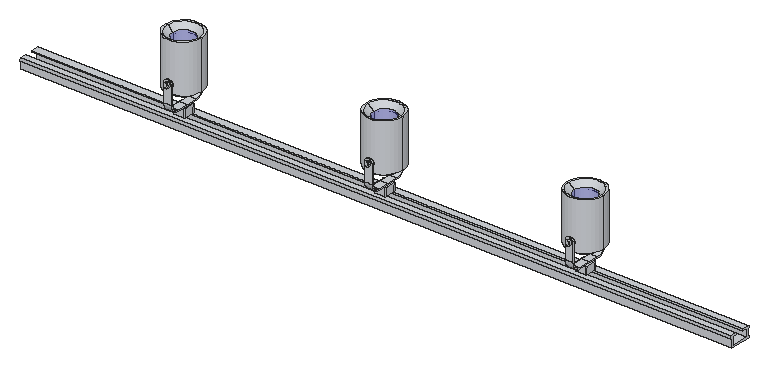
Revit family "Alcon-13110-3_", category Generic Models, host Face, Revit 2025
Family settings
  Host = Face
  Can host rebar = No
  Round Connector Dimension = Use Diameter
  Part Type = Normal
  Cut with Voids When Loaded = No
  Maintain Annotation Orientation = No
  Shared = No
  Room Calculation Point = No
Parameters
  Default Elevation = 4' - 0"
Reference planes (in)
  plane 1 "Center (Front/Back)": y = 0
  plane 2: z = 0
  plane 3 "Center (Left/Right)": x = 0
Forms (in)
  Extrusion 1, solid
    sketch origin (0, 0.00592, 0) x (0, 1, 0) y (0, 0, 1)
      loop
        line (-0.71169, 0.68132) -> (-0.71169, 0.52103) -> (-0.6754, 0.52103) -> (-0.6754, 0) -> (0.6875, 0) -> (0.6875, 0.11388) -> (0.64214, 0.11388) -> (0.64214, 0.55343) -> (0.6875, 0.55343) -> (0.6875, 0.68132) -> (0.24742, 0.68132) -> (0.24742, 0.59865) -> (0.58568, 0.59865) -> (0.58568, 0.0625) -> (-0.59753, 0.0625) -> (-0.59753, 0.59865) -> (-0.30403, 0.59865) -> (-0.30403, 0.68132) -> (-0.71169, 0.68132)
    from 0 to 46
Dimensions and locks (in)
  aligned and locked: plane 2 to host face
  aligned and locked: level to host face
Nested families (in)
  nested 1: "Alcon-13110-Revit-Family" at (23, 0.00209, 0.68132) x (-1, 0, 0) z (0, 0, 1), type "Alcon-13110-Revit-Family"
  nested 2: "Alcon-13110-Revit-Family" at (10, 0.00209, 0.68132) x (-1, 0, 0) z (0, 0, 1), type "Alcon-13110-Revit-Family"
  nested 3: "Alcon-13110-Revit-Family" at (36, 0.00209, 0.68132) x (-1, 0, 0) z (0, 0, 1), type "Alcon-13110-Revit-Family"
Definition of nested family "Alcon-13110-Revit-Family"
  Parameters (values of type "Alcon-13110-Revit-Family")
    URL = "https://www.alconlighting.com/?srsltid=AfmBOooDPhGQ0dEP-X2PMtxFfvvWpIAEL4jCll_O2F4_to5onvhnBomy"
    Product Page URL = "https://www.alconlighting.com/bella-mini-cylinder-13110.html"
    Model = "13110"
    Manufacturer = "ALCON Lighter"
    Fixture Rotation = 90.00°
    Default Elevation = 4' - 0"
  Reference planes (in)
    plane 1 "Center (Front/Back)": y = 0
    plane 2: z = 0
    plane 3 "Center (Left/Right)": x = 0
    plane 4: z = 2.21166
  Forms (in)
    Extrusion 1, solid
      sketch origin (0, 0, 0) x (1, 0, 0) y (0, 1, 0)
        loop
          line (-48, 48) -> (-48, -48) -> (48, -48) -> (48, 48) -> (-48, 48)
      from 0 to -12
    Extrusion 2, solid
      sketch origin (0.03835, 0, 2.21166) x (0, -1, 0) y (0, 0, -1)
        loop
          line (0, 1.64916) -> (0.72361, 1.64916)
          arc (0.72361, 1.64916) -> (1.07716, 1.50272) -> (1.22361, 1.14916) r 0.5
          line (1.22361, 1.14916) -> (1.22361, -0.29381) -> (1.28611, -0.29381) -> (1.28611, 1.14824)
          arc (1.28611, 1.14824) -> (1.12109, 1.54664) -> (0.72269, 1.71166) r 0.56342
          line (0.72269, 1.71166) -> (0, 1.71166) -> (-0.72219, 1.71166)
          arc (-0.72219, 1.71166) -> (-1.12059, 1.54664) -> (-1.28561, 1.14824) r 0.56342
          line (-1.28561, 1.14824) -> (-1.28561, -0.29381) -> (-1.22311, -0.29381) -> (-1.22311, 1.14916)
          arc (-1.22311, 1.14916) -> (-1.07666, 1.50272) -> (-0.72311, 1.64916) r 0.5
          line (-0.72311, 1.64916) -> (0, 1.64916)
      from -0.28835 to 0.21165
    Extrusion 3, solid
      sketch origin (0, 0, 0.5) x (0, 1, 0) y (1, 0, 0)
        loop
          arc (-0.375, -0.3125) -> (-0.35669, -0.35669) -> (-0.3125, -0.375) r 0.0625
          line (-0.3125, -0.375) -> (0.3125, -0.375)
          arc (0.3125, -0.375) -> (0.35669, -0.35669) -> (0.375, -0.3125) r 0.0625
          line (0.375, -0.3125) -> (0.375, 0.3125)
          arc (0.375, 0.3125) -> (0.35669, 0.35669) -> (0.3125, 0.375) r 0.0625
          line (0.3125, 0.375) -> (-0.3125, 0.375)
          arc (-0.3125, 0.375) -> (-0.35669, 0.35669) -> (-0.375, 0.3125) r 0.0625
          line (-0.375, 0.3125) -> (-0.375, -0.3125)
      from 0 to 0.5
    Extrusion 4, void
      sketch origin (0, 0, 0) x (1, 0, 0) y (0, 0, 1)
        loop
          line (-0.32875, 2.54598) -> (-0.32875, 0.32939) -> (-0.26003, 0.32939) -> (-0.26003, 2.21166)
          arc (-0.26003, 2.21166) -> (-0.18387, 2.39553) -> (0, 2.47169) r 0.26003
          arc (0, 2.47169) -> (0.18387, 2.39553) -> (0.26003, 2.21166) r 0.26003
          line (0.26003, 2.21166) -> (0.26003, 0.32939) -> (0.35969, 0.32939) -> (0.35969, 2.54598) -> (-0.32875, 2.54598)
      from -6.21513 to 12
  Cuts and joins
    Extrusion 4 cuts Extrusion 2
  Dimensions and locks (in)
    "Fixture Rotation": angle nested 1 to plane 4
    aligned and locked: plane 2 to Extrusion 1
    aligned and locked: level to Extrusion 1
  Automatic sketch dimensions
    Extrusion 1 sketch curve to Extrusion 1 sketch curve = 8' - 0"  (x2)
    plane 1 "Center (Front/Back)" to Extrusion 3 sketch curve = 0' - 0 3/8"
    Extrusion 3 sketch curve to Extrusion 3 sketch curve = 0' - 0 1/16"  (x3)
    Extrusion 3 sketch curve to plane 1 "Center (Front/Back)" = 0' - 0 5/16"  (x2)
    plane 3 "Center (Left/Right)" to Extrusion 3 sketch curve = 0' - 0 3/8"
    Extrusion 3 sketch curve to plane 3 "Center (Left/Right)" = 0' - 0 5/16"
    Extrusion 2 sketch curve to plane 1 "Center (Front/Back)" = 0' - 0"  (x2)
    Extrusion 2 sketch curve to plane 1 "Center (Front/Back)" = 0' - 0.72219"
    Extrusion 2 sketch curve to Extrusion 2 sketch curve = 0' - 0.00092"  (x3)
    Extrusion 2 sketch curve to Extrusion 2 sketch curve = 0' - 0 1/2"
    Extrusion 2 sketch curve to Extrusion 2 sketch curve = 0' - 0 1/16"  (x2)
    plane 1 "Center (Front/Back)" to Extrusion 2 sketch curve = 0' - 0.72269"
    Extrusion 2 sketch curve to plane 4 = 0' - 0.29381"  (x2)
    plane 1 "Center (Front/Back)" to Extrusion 2 sketch curve = 0' - 1.22361"
    level to Extrusion 2 sketch curve = 0' - 1.06342"
    Extrusion 4 sketch curve to plane 3 "Center (Left/Right)" = 0' - 0"
    Extrusion 4 sketch curve to plane 3 "Center (Left/Right)" = 0' - 0.32875"
    Extrusion 4 sketch curve to Extrusion 4 sketch curve = 0' - 0.09966"
    level to Extrusion 4 sketch curve = 0' - 0.32939"  (x2)
    Extrusion 4 sketch curve to plane 4 = 0' - 0.33432"
    Extrusion 4 sketch curve to Extrusion 4 sketch curve = 0' - 0"
    Extrusion 4 sketch curve to plane 4 = 0' - 0"
    Extrusion 4 sketch curve to Extrusion 4 sketch curve = 0' - 0.06872"
  Nested families (in)
    nested 1: "Alcon-LITON13110_CAN_" at (0, 0, 2.21166) x (0, 0, -1) z (0, -1, 0), type "Alcon-LITON13110_CAN_"
      with built-in parameter 1001306 0.125 (stored number, unit not read)
  Definition of nested family "Alcon-LITON13110_CAN_"
    Parameters (values of type "Alcon-LITON13110_CAN_")
      Wattage = 9.2903 W
      built-in parameter 1150110 = 1 (stored number, unit not read)
      built-in parameter 1114217 = 1 (stored number, unit not read)
      Tilt Angle = 60.00°
      built-in parameter 1150109 = 1 (stored number, unit not read)
      built-in parameter 1150134 = 3
      built-in parameter 1150113 = 1 (stored number, unit not read)
      built-in parameter 1010507 = 1.5708 (stored number, unit not read)
      built-in parameter 1010506 = 0.5236 (stored number, unit not read)
      built-in parameter 1150105 = 4614.1 (stored number, unit not read)
      Lumens = 1380 lm
      built-in parameter 1150115 = 1 (stored number, unit not read)
      Light Source Symbol Length = 10' - 0"
      built-in parameter 1150137 = (empty or 0)
      built-in parameter 1150139 = (empty or 0)
      built-in parameter 1001306 [instance] = 4' - 0"
      built-in parameter 1150112 = 1 (stored number, unit not read)
      built-in parameter 1150114 = 1 (stored number, unit not read)
      built-in parameter 1150132 = (empty or 0)
      built-in parameter 1150102 = (empty or 0)
      built-in parameter 1150107 = 3200 (stored number, unit not read)
      built-in parameter 1150138 = (empty or 0)
      built-in parameter 1150106 = 46.141 (stored number, unit not read)
      Glass Lens = none
      built-in parameter 1150104 = 13.8 (stored number, unit not read)
      Dimming Lamp Color Temperature Shift = (empty or 0)
      Default Elevation = 0' - 0"
      Color Filter = 16777215
      built-in parameter 1114218 = 1 (stored number, unit not read)
      built-in parameter 1150133 = 10 (stored number, unit not read)
    Reference planes (in)
      plane 1 "Center (Front/Back)": y = 0
      plane 2: z = 0
      plane 3 "Left": x = 0
      plane 4 "Right": x = 48
    Forms (in)
      Revolve 1, solid
        sketch origin (0.56598, 0, 0) x (0, 1, 0) y (-1, 0, 0)
          loop
            line (1.17, 0) -> (1.17, 3.09) -> (1.045, 3.09) -> (0.71297, 2.75797) -> (0.71297, 0.19913) -> (0, 0.19913) -> (0, -0.30074) -> (0.71297, -0.30074) -> (0.71297, 0) -> (1.17, 0)
          axis (0, -0.30074) -> (0, 3.09)
        angle from 0 to 360
      Extrusion 2, solid, material <- "Glass Lens"
        sketch origin (-2.19199, 1.17, 0) x (0, -1, 0) y (0, 0, -1)
          loop
            circle (1.17, 0) r 0.71297
        from 0 to 0.10592
      Extrusion 3, solid
        sketch origin (0, 0, 0) x (1, 0, 0) y (0, 1, 0)
          loop
            circle (0, 0) r 0.21706
        from -1.22415 to 1.22361
      Revolve 4, solid
        sketch origin (0, 0, 0) x (1, 0, 0) y (0, 0, 1)
          loop
            line (-0.08431, 1.22361) -> (0, 1.22361) -> (0, 1.43841) -> (-0.194, 1.43841) -> (-0.194, 1.35666) -> (-0.08431, 1.35666) -> (-0.08431, 1.22361)
          axis (0, 1.43841) -> (0, 1.22361)
        angle from 0 to 360
      Revolve 5, solid
        sketch origin (0, 0, 0) x (1, 0, 0) y (0, 0, 1)
          loop
            line (-0.08431, -1.22361) -> (-0.08431, -1.34434) -> (-0.16093, -1.34434) -> (-0.16093, -1.41379) -> (0, -1.41379) -> (0, -1.22361) -> (-0.08431, -1.22361)
          axis (0, -1.41379) -> (0, -1.22361)
        angle from 0 to 360
    Lines and regions (in)
      reference lines
        curve 1: line (0, 0, 0) -> (48, 0, 0)
      model lines
        curve 2: line (0, 0, 0) -> (-6.37585, 0, 0)
    Dimensions and locks (in)
      "built-in parameter 1001306": plane 3 "Left" to plane 4 "Right"
      aligned and locked: plane 4 "Right" to curve 1
      aligned and locked: plane 1 "Center (Front/Back)" to curve 1
      aligned and locked: plane 3 "Left" to curve 1
      aligned and locked: level to plane 2
    Automatic sketch dimensions
      curve 2 to level = 0' - 0"
      curve 2 to plane 3 "Left" = 0' - 0"
      curve 2 to plane 3 "Left" = 0' - 6.37585"
      plane 1 "Center (Front/Back)" to Revolve 1 sketch curve = 0' - 0"  (x2)
      Revolve 1 sketch curve to plane 1 "Center (Front/Back)" = 0' - 0.71297"
      Revolve 1 sketch curve to Revolve 1 sketch curve = 0' - 0"
      Revolve 1 sketch curve to Revolve 1 sketch curve = 0' - 0 85/256"  (x2)
      Revolve 1 sketch curve to Revolve 1 sketch curve = 0' - 0 1/8"
      plane 3 "Left" to Revolve 1 sketch curve = 0' - 0.86672"
      Revolve 1 sketch curve to Revolve 1 sketch curve = 0' - 0.30074"
      Revolve 1 sketch curve to Revolve 1 sketch curve = 0' - 0.19913"  (x2)
      Revolve 1 sketch curve to plane 3 "Left" = 0' - 2.19199"
      Revolve 1 sketch curve to Revolve 1 sketch curve = 0' - 0.18845"
      Extrusion 2 sketch curve to Extrusion 2 sketch curve = 0' - 0"  (x2)
      Extrusion 2 sketch curve to level = 0' - 0"
      Extrusion 2 sketch curve to plane 1 "Center (Front/Back)" = 0' - 0"
      Extrusion 2 sketch curve to plane 1 "Center (Front/Back)" = 0' - 0.71297"
      plane 1 "Center (Front/Back)" to Extrusion 3 sketch curve = 0' - 0"
      Extrusion 3 sketch curve to plane 3 "Left" = 0' - 0"
      Revolve 5 sketch curve to plane 3 "Left" = 0' - 0"  (x2)
      Revolve 5 sketch curve to plane 3 "Left" = 0' - 0.08431"
      Revolve 5 sketch curve to Revolve 5 sketch curve = 0' - 0.07662"
      Revolve 5 sketch curve to level = 0' - 1.41379"
      Revolve 5 sketch curve to Revolve 5 sketch curve = 0' - 0.06945"
      Revolve 5 sketch curve to Revolve 5 sketch curve = 0' - 0.12073"
      Revolve 5 sketch curve to Revolve 5 sketch curve = 0' - 0.05713"
      Revolve 5 sketch curve to Revolve 5 sketch curve = 0' - 0"
      Revolve 4 sketch curve to plane 3 "Left" = 0' - 0"  (x2)
      Revolve 4 sketch curve to Revolve 4 sketch curve = 0' - 0.08431"
      Revolve 4 sketch curve to Revolve 4 sketch curve = 0' - 0.10969"
      level to Revolve 4 sketch curve = 0' - 1.22361"
      Revolve 4 sketch curve to Revolve 4 sketch curve = 0' - 0.13305"
      Revolve 4 sketch curve to Revolve 4 sketch curve = 0' - 0.08175"  (x2)
      Revolve 4 sketch curve to Revolve 4 sketch curve = 0' - 0"
      radius of Extrusion 3 sketch curve = 0' - 0.21706"
